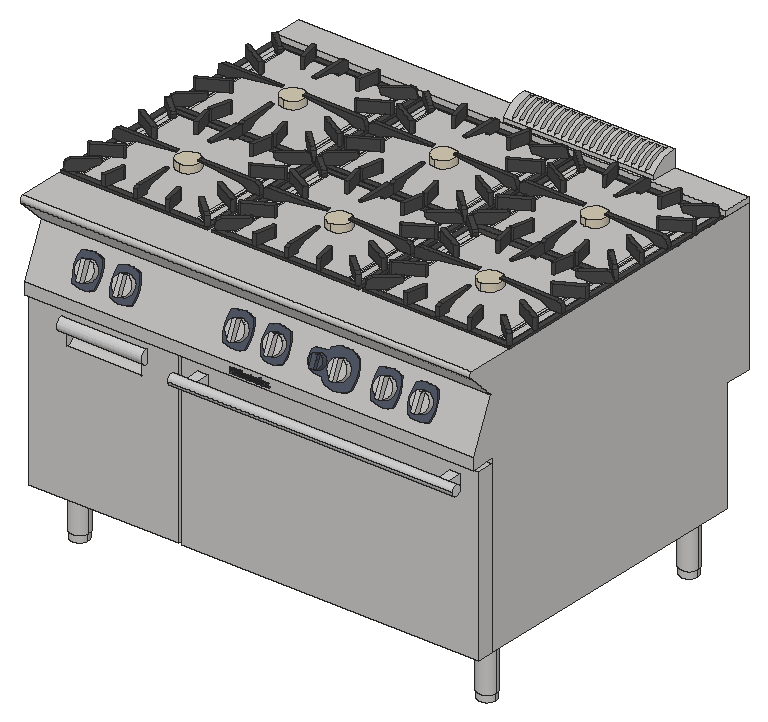
Revit family "QF_ELECTROLUXPROFESSIONAL_391583_E9AAOTBFMII", category Attrezzature speciali, Revit 2018 (continued)
Definition of nested family "371009_BURNER"
  Automatic sketch dimensions
    curve 110 to curve 111 = 4.872 mm
    plane 1 "BACK" to curve 108 = 53.711 mm
    curve 111 to curve 108 = 4.872 mm
    curve 111 to curve 108 = 2.25 mm
    radius of Extrusion 4 sketch curve = 30 mm
Types (2, lengths in mm): name | URL | Modello | Produttore | Gas Size | Descrizione
  (no name) | "http://professional.electrolux.com/" | "E9GCGL6C1M" | "Electrolux" | 0" | "6-BURNER(10KW)GAS RANGE+OVEN+CUPB.1200MM"
  Standard | "https://www.electroluxprofessional.com/" | "E9AAOTBFMII" | "Electrolux Professional" | 1/2" | "6-BURNER (10KW) GAS RANGE+OVEN+CUPBOARD 1200MM - QMARK"
